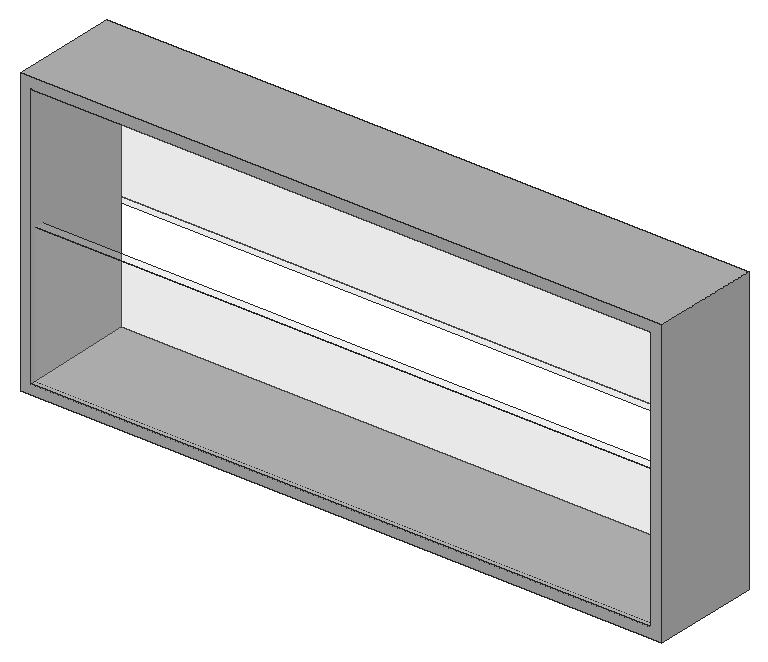
Revit family "Fixed_window_permanent_ventilation", category Windows, host Wall, Revit 2013
Parameters (values of type "900mm")
  Glass = Glass white
  Rough Width = 0.290 m
  Rough Height = 0.400 m
  Material = Concrete
  Height = 0.400 m
  Wall Closure = By host
  Width = 0.900 m
  Frame Depth = 0.180 m
  Centered in Wall [instance] = yes
  Center Offset [instance] = 0.000 m
  Assembly Code = ""
  Analytic Construction = "<None>"
Reference planes (m)
  plane 1 "Center (Front/Back)": y = 0
  plane 2 "Center (Left/Right)": x = 0
  plane 3 "Left": x = -0.45
  plane 4 "Right": x = 0.45
  plane 5 "Top": z = 2.1336
  plane 6: z = 1.7336
  plane 7: z = 2.1186
  plane 8: z = 1.7486
  plane 9: z = 1.9236
  plane 10: z = 1.9436
  plane 11: z = 1.9336
Forms (m)
  Sweep 1, solid, material "Concrete" <- "Material"
    path origin (0.4572, 0.0762, 0) x (0, 0, 1) y (1, 0, 0)
      loop
        line (2.1336, -0.0072) -> (1.7336, -0.0072) -> (1.7336, -0.9072) -> (2.1336, -0.9072) -> (2.1336, -0.0072)
    profile origin (0, 0.0762, 2.1336) x (0, 0, 1) y (0, 1, 0)
      loop
        line (0, -0.1524) -> (0, 0) -> (-0.015, 0) -> (-0.015, -0.02) -> (-0.035, -0.02) -> (-0.015, -0.1524) -> (0, -0.1524)
  Extrusion 2, solid, material "Glass white" <- "Glass"
    sketch origin (0, 0.027625, 0) x (1, 0, 0) y (0, 0, 1)
      loop
        line (-0.435, 2.1186) -> (-0.435, 1.9236) -> (0.435, 1.9236) -> (0.435, 2.1186) -> (-0.435, 2.1186)
    from -0.041275 to -0.028575
  Extrusion 3, solid, material "Glass white" <- "Glass"
    sketch origin (0, -0.099775, -0.5546) x (1, 0, 0) y (0, 0, 1)
      loop
        line (-0.435, 2.4982) -> (-0.435, 2.3032) -> (0.435, 2.3032) -> (0.435, 2.4982) -> (-0.435, 2.4982)
    from -0.041275 to -0.028575
Lines and regions (m)
  Opening 1
    outline origin (-1.524, -0.0762, 0) x (1, 0, 0) y (0, 0, 1)
      loop
        line (1.974, 1.7336) -> (1.974, 2.1336) -> (1.074, 2.1336) -> (1.074, 1.7336) -> (1.974, 1.7336)
  symbolic lines
    curve 1: line (0.45, 0, 2.1336) -> (-0.45, 0, 2.1336)
    curve 2: line (0.45, 0, 2.1336) -> (0.45, 0, 1.7336)
    curve 3: line (0.45, 0, 1.7336) -> (-0.45, 0, 1.7336)
    curve 4: line (-0.45, 0, 1.7336) -> (-0.45, 0, 2.1336)
Text (m)
  text "Exterior" at (-1.49041, 0.693701, 0), in view "Floor Line"
  text "Interior" at (-1.48203, -0.638649, 0), in view "Floor Line"
  text "Exterior" at (0, 1.019848, 3.124603), in view "Right"
  text "Interior" at (0, -1.635541, 3.124603), in view "Right"
  text "Interior" at (0, -0.787806, 3.124376), in view "Left"
  text "Exterior" at (0, 1.386095, 3.124376), in view "Left"
Dimensions and locks (m)
  "Height": plane 6 to plane 5 "Top"
  "Width": plane 3 "Left" to plane 4 "Right"
  equal spacing: plane 3 "Left", plane 2 "Center (Left/Right)", plane 4 "Right"
  Sweep 1 to Sweep 1 = 0.1524 m
  equal spacing: plane 6, plane 11, plane 5 "Top"
  plane 9 to plane 11 to plane 10 = 0.010 m, 0.010 m
  locked: plane 7 to plane 5 "Top" at 0.015
  locked: plane 6 to plane 8 at 0.015
  aligned and locked: Sweep 1 to plane 4 "Right"
  aligned and locked: plane 3 "Left" to Sweep 1
  aligned and locked: plane 6 to Opening 1 sketch curve
  aligned and locked: plane 5 "Top" to Opening 1 sketch curve
  aligned and locked: plane 4 "Right" to Opening 1 sketch curve
  aligned and locked: Opening 1 sketch curve to plane 3 "Left"
  aligned and locked: Extrusion 3 to plane 10
  aligned and locked: plane 9 to Extrusion 2
  aligned and locked: Extrusion 2 to plane 7
  aligned and locked: plane 8 to Extrusion 3
Automatic sketch dimensions
  plane 3 "Left" to curve 1 = 0.000 m
  plane 4 "Right" to curve 3 = 0.000 m
  curve 3 to plane 6 = 0.000 m
  curve 2 to plane 5 "Top" = 0.000 m
  plane 4 "Right" to Sweep 1 sketch curve = 0.000 m
  Sweep 1 sketch curve to plane 6 = 0.000 m
  Sweep 1 sketch curve to plane 5 "Top" = 0.000 m
  plane 3 "Left" to Sweep 1 sketch curve = 0.000 m
  Extrusion 2 sketch curve to plane 3 "Left" = 0.015 m
  Extrusion 3 sketch curve to plane 3 "Left" = 0.015 m
  plane 4 "Right" to Extrusion 2 sketch curve = 0.015 m
  plane 4 "Right" to Extrusion 3 sketch curve = 0.015 m
  plane 5 "Top" to Extrusion 2 sketch curve = 0.210 m
  Extrusion 2 sketch curve to plane 6 = 0.385 m
  Extrusion 3 sketch curve to plane 6 = 0.210 m
  plane 5 "Top" to Extrusion 3 sketch curve = 0.385 m
  Sweep 1 sketch curve to profile plane = 0.000 m
  profile plane to Sweep 1 sketch curve = 0.000 m
  Sweep 1 sketch curve to profile plane = 0.1524 m
  profile plane to Sweep 1 sketch curve = 0.015 m  (x2)
  Sweep 1 sketch curve to Sweep 1 sketch curve = 0.020 m
  Sweep 1 sketch curve to profile plane = 0.020 m
